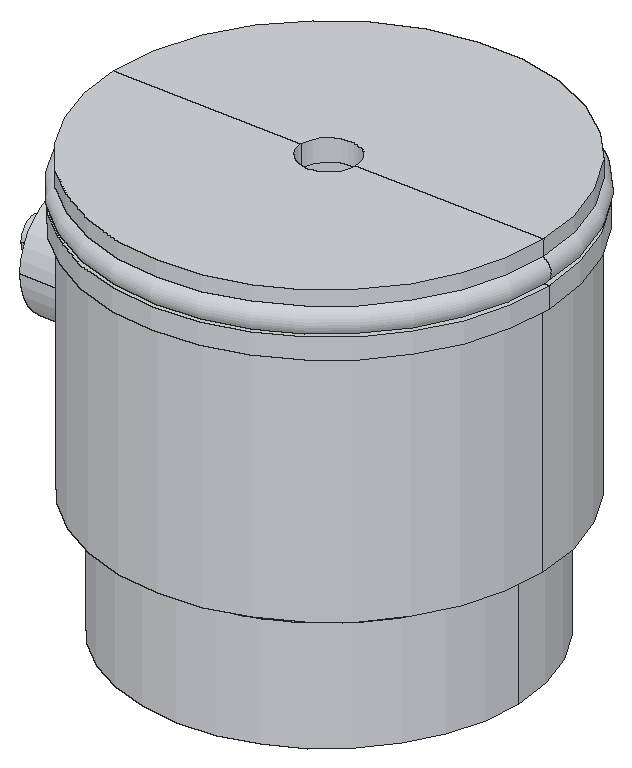
Revit family "C1220-R-1", category Plumbing Fixtures, host Floor, Revit 2026
Family settings
  Host = Floor
  Round Connector Dimension = Use Radius
  Part Type = Normal
  Enable Cutting in Views = No
  Always vertical = Yes
  Cut with Voids When Loaded = No
  Maintain Annotation Orientation = No
  Shared = No
  Room Calculation Point = No
Parameters
  Redius [instance] = 0' - 2"
  Model = "C1220-R-1.rfa"
  Manufacturer = "MIFAB"
  Description = "Floor Cleanout with 5\" round cover"
  Default Elevation = 0' - 0"
Reference planes (in)
  plane 1 "Center (Front/Back)": y = 0
  plane 2: z = 0
  plane 3 "Center (Left/Right)": x = 0
  plane 4: z = -1.86165
  plane 5: z = -1.66325
Forms (in)
  Revolve 1, void
    sketch origin (0, 0, 0) x (1, 0, 0) y (0, 0, 1)
      loop
        line (0, -12) -> (0, 0) -> (-2.51562, 0) -> (-2.51562, -1.07512) -> (-3.5, -1.07512) -> (-3.5, -2.75) -> (-2.5, -2.75) -> (-2.5, -12) -> (0, -12)
      axis (0, -12) -> (0, 0)
    angle from 0 to 360
  Extrusion 2, solid
    sketch origin (0, 0, -0.56244) x (0, 1, 0) y (0, 0, 1)
      loop
        circle (0, -1.29921) r 0.66929
      loop
        circle (0, -1.29921) r 0.25723
    from -3.0118 to -2.26377
  Extrusion 3, solid
    sketch origin (0, 0, -0.56244) x (0, 1, 0) y (0, 0, 1)
      loop
        circle (0, -1.29921) r 0.41942
    from -3.08949 to -3.0118
  Extrusion 4, solid
    sketch origin (0, 0, -0.56244) x (0, 1, 0) y (0, 0, 1)
      loop
        circle (0, -1.29921) r 0.1984
    from -3.37471 to -3.08949
  Revolve 5, solid
    sketch origin (0, 0, 0) x (1, 0, 0) y (0, 0, 1)
      loop
        line (-0.31641, 0.12891) -> (-2.46875, 0.12891) -> (-2.46875, -0.04297) -> (-2.40143, -0.04297)
        arc (-2.40143, -0.04297) -> (-2.54581, -0.15675) -> (-2.47151, -0.32416) r 0.14883
        line (-2.47151, -0.32416) -> (-2.53516, -0.32416) -> (-2.53516, -0.56244) -> (-2.45703, -0.56244) -> (-2.45703, -3.30072) -> (-2.34479, -3.30072)
        arc (-2.34479, -3.30072) -> (-2.23081, -3.34793) -> (-2.18359, -3.46192) r 0.1612
        line (-2.18359, -3.46192) -> (-2.18359, -4.75385) -> (-2, -4.75385) -> (-2, -3.32311)
        arc (-2, -3.32311) -> (-1.97628, -3.26585) -> (-1.91902, -3.24213) r 0.08098
        line (-1.91902, -3.24213) -> (-1.74566, -3.24213) -> (-1.78511, -2.45306) -> (-1.62891, -2.45306) -> (-1.62891, -0.12109) -> (-0.31641, -0.12109) -> (-0.31641, 0.12891)
      axis (0, -4.75385) -> (0, 0.12891)
    angle from 0 to 360
Dimensions and locks (in)
  equal spacing: host sketch curve, plane 1 "Center (Front/Back)", host sketch curve
  equal spacing: host sketch curve, plane 3 "Center (Left/Right)", host sketch curve
  host sketch curve to host sketch curve = 10' - 0"  (x2)
  locked: plane 3 "Center (Left/Right)" to Revolve 1 sketch curve at 2.5
  locked: plane 3 "Center (Left/Right)" to Revolve 1 sketch curve at 2.51562
  locked: Revolve 1 sketch curve to Revolve 1 sketch curve at 0.98438
  locked: Revolve 1 sketch curve to Revolve 1 sketch curve at 1.67488
  locked: level to Revolve 1 sketch curve at 1.07512
  locked: plane 3 "Center (Left/Right)" to Revolve 5 sketch curve at 2.18359
  "Redius": plane 3 "Center (Left/Right)" to Revolve 5 sketch curve
  aligned and locked: host floor to Revolve 1 sketch curve  (x2)
  aligned and locked: plane 3 "Center (Left/Right)" to Revolve 1 sketch curve
  aligned and locked: Revolve 1 sketch curve to Revolve 1 sketch curve
  aligned and locked: Extrusion 3 to Extrusion 2
Automatic sketch dimensions
  Extrusion 2 sketch curve to Extrusion 2 sketch curve = 0' - 0"  (x2)
  Extrusion 2 sketch curve to plane 1 "Center (Front/Back)" = 0' - 0"
  Extrusion 2 sketch curve to plane 4 = 0' - 0"
  Extrusion 3 sketch curve to plane 1 "Center (Front/Back)" = 0' - 0"
  Extrusion 3 sketch curve to plane 4 = 0' - 0"
  Extrusion 4 sketch curve to plane 1 "Center (Front/Back)" = 0' - 0"
  Extrusion 4 sketch curve to plane 4 = 0' - 0"
  Revolve 1 sketch curve to Revolve 1 sketch curve = 0' - 0"
  Revolve 1 sketch curve to Revolve 1 sketch curve = 0' - 10"
  Revolve 5 sketch curve to plane 3 "Center (Left/Right)" = 0' - 0"
  level to Revolve 5 sketch curve = 0' - 0 33/256"
  Revolve 5 sketch curve to plane 3 "Center (Left/Right)" = 0' - 0 81/256"
  Revolve 5 sketch curve to level = 0' - 0 31/256"
  Revolve 5 sketch curve to Revolve 5 sketch curve = 0' - 0.11675"
  Revolve 5 sketch curve to Revolve 5 sketch curve = 0' - 0.15621"
  Revolve 5 sketch curve to Revolve 5 sketch curve = 0' - 0.17336"
  Revolve 5 sketch curve to Revolve 5 sketch curve = 0' - 0.08098"
  Revolve 5 sketch curve to Revolve 5 sketch curve = 0' - 0.1612"
  Revolve 5 sketch curve to level = 0' - 0.04404"
  Revolve 5 sketch curve to Revolve 5 sketch curve = 0' - 0.77252"
  Revolve 5 sketch curve to Revolve 5 sketch curve = 0' - 0"
  Revolve 5 sketch curve to Revolve 5 sketch curve = 0' - 0.0556"
  Revolve 5 sketch curve to Revolve 5 sketch curve = 0' - 0.06732"
  Revolve 5 sketch curve to Revolve 5 sketch curve = 0' - 0.07008"
  Revolve 5 sketch curve to Revolve 5 sketch curve = 0' - 0 5/64"
  Revolve 5 sketch curve to Revolve 5 sketch curve = 0' - 0.14883"
  Revolve 5 sketch curve to Revolve 5 sketch curve = 0' - 0 61/256"
  plane 4 to Revolve 5 sketch curve = 0' - 0.59142"
  Revolve 5 sketch curve to Revolve 5 sketch curve = 0' - 0 101/128"
  Revolve 5 sketch curve to Revolve 5 sketch curve = 0' - 0.02238"
  Revolve 5 sketch curve to Revolve 5 sketch curve = 0' - 0 3/4"
  Revolve 5 sketch curve to Revolve 5 sketch curve = 0' - 1.29193"
  Revolve 5 sketch curve to Revolve 5 sketch curve = 0' - 1 3/4"
  Revolve 5 sketch curve to Revolve 5 sketch curve = 0' - 0.00107"
  radius of Extrusion 2 sketch curve = 0' - 0.66929"
  radius of Extrusion 2 sketch curve = 0' - 0.25723"
  radius of Extrusion 3 sketch curve = 0' - 0.41942"
  radius of Extrusion 4 sketch curve = 0' - 0.1984"
Connectors (in)
  piping at (0, 0, -4.75385), diameter 4, driven by "Redius"
    settings: on Revolve 5, index 1, connector inside diameter 4", connector length 0' - 0", flow factor 0, pipe flow 0 GPM, pressure drop 0.00 psi, fitting loss kfactor 0, connector angle 0.00°, fixture units 0, engagement length 0' - 0", angle of deflection 0.00°, flow configuration 1, flow direction 2, fitting loss method 2, system type 16, joint type 0, gender type 0, connector reference index -1, connector utility 0, adjustable connector no, is connector primary yes, connector description ""
